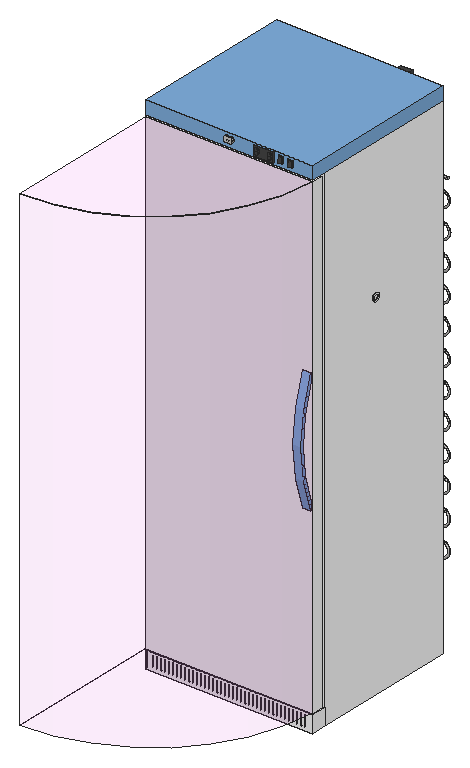
Revit family "QF_Summit_ARS15PV_Pharma_Vac_All_Refrigerator", category Specialty Equipment, Revit 2020 (continued)
Automatic sketch dimensions
  Split face 4 sketch curve to Split face 4 sketch curve = 0.08768"
  Split face 4 sketch curve to Split face 4 sketch curve = 0.00085"
  Split face 4 sketch curve to Split face 4 sketch curve = 0.03656"
  Split face 4 sketch curve to Split face 4 sketch curve = 0.0266"
  Split face 4 sketch curve to Split face 4 sketch curve = 0.0748"
  Split face 4 sketch curve to Split face 4 sketch curve = 0.02231"
  Split face 4 sketch curve to Split face 4 sketch curve = 0.00573"
  Split face 4 sketch curve to Split face 4 sketch curve = 0.00628"
  Split face 4 sketch curve to Split face 4 sketch curve = 0.00473"
  Split face 4 sketch curve to Split face 4 sketch curve = 0.22455"
  Split face 4 sketch curve to Split face 4 sketch curve = 0.02551"
  Split face 4 sketch curve to Split face 4 sketch curve = 0.00677"
  Split face 4 sketch curve to Split face 4 sketch curve = 0.00986"
  Split face 4 sketch curve to Split face 4 sketch curve = 0.14199"
  Split face 4 sketch curve to Split face 4 sketch curve = 0.02629"
  Split face 4 sketch curve to Split face 4 sketch curve = 0.00528"
  Split face 4 sketch curve to Split face 4 sketch curve = 0"
  Split face 4 sketch curve to Split face 4 sketch curve = 1/64"
  Split face 5 sketch curve to Extrusion 2 = 0.77151"
  Split face 5 sketch curve to Extrusion 2 = 3.21342"
  Split face 5 sketch curve to Split face 5 sketch curve = 0.00447"
  Split face 5 sketch curve to Split face 5 sketch curve = 0.02913"
  Split face 5 sketch curve to Split face 5 sketch curve = 0.06885"
  Split face 5 sketch curve to Split face 5 sketch curve = 0.05632"
  Split face 5 sketch curve to Split face 5 sketch curve = 0.04342"
  Split face 5 sketch curve to Split face 5 sketch curve = 0.04721"
  Split face 5 sketch curve to Split face 5 sketch curve = 0.049"
  Split face 5 sketch curve to Split face 5 sketch curve = 0.02401"
  Split face 5 sketch curve to Split face 5 sketch curve = 0.00357"
  Split face 5 sketch curve to Split face 5 sketch curve = 0.00602"
  Split face 5 sketch curve to Split face 5 sketch curve = 0.03286"
  Split face 5 sketch curve to Split face 5 sketch curve = 0.00635"
  Split face 5 sketch curve to Split face 5 sketch curve = 0.04385"
  Split face 5 sketch curve to Split face 5 sketch curve = 0.03341"
  Split face 5 sketch curve to Split face 5 sketch curve = 0.02357"
  Split face 5 sketch curve to Split face 5 sketch curve = 0.02858"
  Split face 5 sketch curve to Split face 5 sketch curve = 0.04277"
  Split face 5 sketch curve to Split face 5 sketch curve = 0.00063"
  Split face 5 sketch curve to Split face 5 sketch curve = 0.02096"
  Split face 5 sketch curve to Split face 5 sketch curve = 0.02263"
  Split face 5 sketch curve to Split face 5 sketch curve = 0.02829"
  Split face 5 sketch curve to Split face 5 sketch curve = 0.05231"
  Split face 5 sketch curve to Split face 5 sketch curve = 0.02169"
  Split face 5 sketch curve to Split face 5 sketch curve = 0.02759"
  Split face 5 sketch curve to Split face 5 sketch curve = 0.00044"
  Split face 5 sketch curve to Split face 5 sketch curve = 0.05698"
  Split face 5 sketch curve to Split face 5 sketch curve = 0.02956"
  Split face 5 sketch curve to Split face 5 sketch curve = 0.01975"
  Split face 5 sketch curve to Split face 5 sketch curve = 0.03754"
  Split face 5 sketch curve to Split face 5 sketch curve = 0"  (x5)
  Split face 5 sketch curve to Split face 5 sketch curve = 0.0171"
  Split face 5 sketch curve to Split face 5 sketch curve = 0.12547"
  Split face 5 sketch curve to Split face 5 sketch curve = 0.03468"
  Split face 6 sketch curve to Extrusion 2 = 0.84328"
  Split face 6 sketch curve to Extrusion 2 = 3.51723"
  Split face 7 sketch curve to Extrusion 2 = 0.83375"
  Split face 7 sketch curve to Extrusion 2 = 3.9256"
  Split face 7 sketch curve to Split face 7 sketch curve = 0.02781"
  Split face 7 sketch curve to Split face 7 sketch curve = 0.03195"
  Split face 7 sketch curve to Split face 7 sketch curve = 0.05651"
  Split face 7 sketch curve to Split face 7 sketch curve = 0.0705"
  Split face 7 sketch curve to Split face 7 sketch curve = 0.0326"
  Split face 7 sketch curve to Split face 7 sketch curve = 0.03942"
  Split face 7 sketch curve to Extrusion 2 = 0.47311"
  Split face 8 sketch curve to Extrusion 2 = 0.47576"
  Split face 8 sketch curve to Extrusion 2 = 4.45929"
  Split face 8 sketch curve to Split face 8 sketch curve = 0.03195"
  Split face 8 sketch curve to Split face 8 sketch curve = 0.03942"
  Split face 8 sketch curve to Split face 8 sketch curve = 0.06686"
  Split face 8 sketch curve to Split face 8 sketch curve = 0.06108"
  Split face 8 sketch curve to Split face 8 sketch curve = 0.00386"
  Split face 8 sketch curve to Split face 8 sketch curve = 0.0281"
  Split face 8 sketch curve to Split face 8 sketch curve = 0.03736"
  Split face 8 sketch curve to Split face 8 sketch curve = 0.01483"
  Split face 8 sketch curve to Split face 8 sketch curve = 0.04944"
  Split face 8 sketch curve to Split face 8 sketch curve = 0.07229"
  Split face 8 sketch curve to Split face 8 sketch curve = 0.07649"
  Split face 8 sketch curve to Split face 8 sketch curve = 0.16571"
  Split face 8 sketch curve to Split face 8 sketch curve = 0.11591"
  Split face 8 sketch curve to Split face 8 sketch curve = 0.09007"
  Split face 8 sketch curve to Split face 8 sketch curve = 0.05683"
  Split face 8 sketch curve to Split face 8 sketch curve = 0.18959"
  Split face 8 sketch curve to Split face 8 sketch curve = 0.02222"
  Split face 8 sketch curve to Split face 8 sketch curve = 0.0095"
  Split face 8 sketch curve to Split face 8 sketch curve = 0.02188"
  Split face 8 sketch curve to Split face 8 sketch curve = 0"
  Split face 8 sketch curve to Split face 8 sketch curve = 0.02021"
  Split face 8 sketch curve to Split face 8 sketch curve = 0.1054"
  Extrusion 15 sketch curve to Extrusion 1 = 1.88463"  (x5)
  Extrusion 15 sketch curve to Extrusion 1 = 1.81758"  (x5)
  Extrusion 15 sketch curve to Extrusion 15 sketch curve = 12"  (x5)
  Extrusion 15 sketch curve to Extrusion 15 sketch curve = 12 1/8"  (x2)
  Extrusion 15 sketch curve to Extrusion 1 = 8 5/16"  (x2)
  plane 16 to Sweep 16 sketch curve = 0"
  Sweep 16 sketch curve to plane 17 = 0"
  plane 16 to Sweep 16 sketch curve = 0.95416"
  plane 16 to Sweep 16 sketch curve = 0.98532"
  plane 16 to Sweep 16 sketch curve = 0.99524"
  plane 16 to Sweep 16 sketch curve = 0.9955"
  plane 16 to Sweep 16 sketch curve = 0.99909"
  plane 16 to Sweep 16 sketch curve = 1"
  plane 16 to Sweep 16 sketch curve = 1.00025"
  plane 16 to Sweep 16 sketch curve = 1.0125"
  plane 16 to Sweep 16 sketch curve = 1.01275"
  plane 16 to Sweep 16 sketch curve = 1.01663"
  plane 16 to Sweep 16 sketch curve = 1.03006"
  plane 16 to Sweep 16 sketch curve = 1.06016"
  Sweep 16 sketch curve to plane 17 = 1.09407"
  Sweep 16 sketch curve to plane 17 = 1.06457"
  Sweep 16 sketch curve to plane 17 = 1.03401"
  Sweep 16 sketch curve to plane 17 = 1.01809"
  Sweep 16 sketch curve to plane 17 = 1.01668"
  Sweep 16 sketch curve to plane 17 = 1.01609"
  Sweep 16 sketch curve to plane 17 = 1.0159"
  Sweep 16 sketch curve to plane 17 = 1.01065"
  Sweep 16 sketch curve to plane 17 = 1.00037"
  Sweep 16 sketch curve to plane 17 = 1"
  Sweep 16 sketch curve to plane 17 = 0.99956"
  Sweep 16 sketch curve to plane 17 = 0.9852"
  plane 9 "Base Height" to Sweep 16 sketch curve = 11 1/8"
  Sweep 16 sketch curve to Sweep 16 sketch curve = 1"  (x22)
  Sweep 16 sketch curve to Sweep 16 sketch curve = 1.06206"
  Sweep 16 sketch curve to plane 21 = 0.00087"
  Sweep 16 sketch curve to profile plane = 3/32"
  plane 1 "BACK" to Sweep 16 sketch curve = 3/32"
  Extrusion 17 sketch curve to Extrusion 17 sketch curve = 0"  (x2)
  Extrusion 1 to Extrusion 17 sketch curve = 8 3/4"
  Extrusion 17 sketch curve to Extrusion 1 = 47 7/8"
  Extrusion 2 to Extrusion 18 sketch curve = 1/4"  (x2)
  Extrusion 18 sketch curve to Extrusion 2 = 6 3/4"
  Extrusion 18 sketch curve to Extrusion 18 sketch curve = 1 3/4"
  Extrusion 19 sketch curve to plane 4 "RIGHT" = 0"
  plane 5 "FRONT" to Extrusion 19 sketch curve = 0"
  plane 4 "RIGHT" to Extrusion 19 sketch curve = 0.04959"
  Extrusion 19 sketch curve to plane 3 "LEFT" = 0.01706"
  Extrusion 19 sketch curve to plane 13 = 0.86036"
  Split face 9 sketch curve to Extrusion 2 = 0.77404"
  Split face 9 sketch curve to Extrusion 2 = 2.1833"
  Split face 9 sketch curve to Split face 9 sketch curve = 0.00447"
  Split face 9 sketch curve to Split face 9 sketch curve = 0.02913"
  Split face 9 sketch curve to Split face 9 sketch curve = 0.06885"
  Split face 9 sketch curve to Split face 9 sketch curve = 0.05632"
  Split face 9 sketch curve to Split face 9 sketch curve = 0.04342"
  Split face 9 sketch curve to Split face 9 sketch curve = 0.04721"
  Split face 9 sketch curve to Split face 9 sketch curve = 0.049"
  Split face 9 sketch curve to Split face 9 sketch curve = 0.02401"
  Split face 9 sketch curve to Split face 9 sketch curve = 0.00357"
  Split face 9 sketch curve to Split face 9 sketch curve = 0.00602"
  Split face 9 sketch curve to Split face 9 sketch curve = 0.03286"
  Split face 9 sketch curve to Split face 9 sketch curve = 0.00635"
  Split face 9 sketch curve to Split face 9 sketch curve = 0.04385"
  Split face 9 sketch curve to Split face 9 sketch curve = 0.03341"
  Split face 9 sketch curve to Split face 9 sketch curve = 0.02357"
  Split face 9 sketch curve to Split face 9 sketch curve = 0.02858"
  Split face 9 sketch curve to Split face 9 sketch curve = 0.04277"
  Split face 9 sketch curve to Split face 9 sketch curve = 0.00063"
  Split face 9 sketch curve to Split face 9 sketch curve = 0.02096"
  Split face 9 sketch curve to Split face 9 sketch curve = 0.02263"
  Split face 9 sketch curve to Split face 9 sketch curve = 0.02829"
  Split face 9 sketch curve to Split face 9 sketch curve = 0.05231"
  Split face 9 sketch curve to Split face 9 sketch curve = 0.02169"
  Split face 9 sketch curve to Split face 9 sketch curve = 0.02759"
  Split face 9 sketch curve to Split face 9 sketch curve = 0.00044"
  Split face 9 sketch curve to Split face 9 sketch curve = 0.05698"
  Split face 9 sketch curve to Split face 9 sketch curve = 0.02956"
  Split face 9 sketch curve to Split face 9 sketch curve = 0.01975"
  Split face 9 sketch curve to Split face 9 sketch curve = 0.03754"
  Split face 9 sketch curve to Split face 9 sketch curve = 0"  (x5)
  Split face 9 sketch curve to Split face 9 sketch curve = 0.0171"
  Split face 9 sketch curve to Split face 9 sketch curve = 0.12547"
  Split face 9 sketch curve to Split face 9 sketch curve = 0.03468"
  Extrusion 14 to Split face 10 sketch curve = 0.01468"
  Extrusion 14 to Split face 10 sketch curve = 0.18593"
  Extrusion 20 sketch curve to Extrusion 1 = 0"  (x4)
  Extrusion 20 sketch curve to Extrusion 1 = 1/16"
  Extrusion 1 to Extrusion 20 sketch curve = 1/16"  (x3)
  Extrusion 21 sketch curve to Extrusion 20 = 0"  (x4)
  Extrusion 20 to Extrusion 21 sketch curve = 27/32"
  Extrusion 21 sketch curve to Extrusion 21 sketch curve = 3/32"  (x39)
  Extrusion 21 sketch curve to Extrusion 21 sketch curve = 3/8"  (x38)
  Extrusion 20 to Extrusion 21 sketch curve = 13/32"  (x39)
  Extrusion 20 to Extrusion 21 sketch curve = 17/32"  (x38)
  Extrusion 21 sketch curve to Extrusion 21 sketch curve = 0"
  Split face 11 sketch curve to Extrusion 2 = 0.69981"
  Split face 11 sketch curve to Extrusion 2 = 4.22664"
  Split face 11 sketch curve to Split face 11 sketch curve = 0.1447"
  Extrusion 22 sketch curve to plane 5 "FRONT" = 0"  (x2)
  Extrusion 22 sketch curve to plane 12 = 4.41125"
  Extrusion 22 sketch curve to plane 12 = 1.96658"
  Extrusion 22 sketch curve to plane 21 = 22.35752"
  Extrusion 22 sketch curve to Extrusion 22 sketch curve = 1.23252"
  Extrusion 22 sketch curve to Extrusion 22 sketch curve = 7 1/2"
  Extrusion 22 sketch curve to Extrusion 22 sketch curve = 0"
  Extrusion 1 to Extrusion 23 sketch curve = 0"
  Extrusion 23 sketch curve to Extrusion 1 = 0"  (x3)
  Extrusion 23 sketch curve to Extrusion 23 sketch curve = 5"
  Extrusion 1 to Extrusion 23 sketch curve = 9 1/4"
  Extrusion 1 to Extrusion 23 sketch curve = 4 1/4"
  Extrusion 23 sketch curve to Extrusion 1 = 1 3/4"
  Extrusion 23 sketch curve to Extrusion 23 sketch curve = 6 1/2"
  Extrusion 23 sketch curve to Extrusion 23 sketch curve = 7"
  Extrusion 23 sketch curve to Extrusion 23 sketch curve = 9 1/4"
  Extrusion 24 sketch curve to Extrusion 1 = 0"  (x4)
  Extrusion 1 to Extrusion 24 sketch curve = 0"  (x2)
  Extrusion 24 sketch curve to Extrusion 1 = 1 11/16"  (x2)
  Extrusion 25 sketch curve to Extrusion 3 = 1/2"  (x4)
  Extrusion 25 sketch curve to Extrusion 25 sketch curve = 1/2"  (x2)
  Extrusion 25 sketch curve to Extrusion 3 = 1"  (x2)
  Split face 12 sketch curve to Extrusion 2 = 0.83997"
  Split face 12 sketch curve to Extrusion 2 = 3.64781"
  Split face 12 sketch curve to Extrusion 2 = 0.7258"
  Split face 12 sketch curve to Split face 12 sketch curve = 0.06553"  (x2)
  Split face 12 sketch curve to Extrusion 2 = 0.87779"
  Split face 12 sketch curve to Extrusion 2 = 0.76415"
  Split face 12 sketch curve to Split face 12 sketch curve = 0.06283"
  Split face 12 sketch curve to Extrusion 2 = 0.91058"
  Split face 12 sketch curve to Split face 12 sketch curve = 0.06491"
  Split face 12 sketch curve to Split face 12 sketch curve = 0.06473"
  Split face 12 sketch curve to Extrusion 2 = 0.7991"
  Split face 12 sketch curve to Split face 12 sketch curve = 0.06777"
  Split face 12 sketch curve to Extrusion 2 = 0.7276"
  Split face 12 sketch curve to Split face 12 sketch curve = 0.00013"
  Split face 12 sketch curve to Extrusion 2 = 0.83901"
  Split face 12 sketch curve to Split face 12 sketch curve = 0.06536"
  Split face 12 sketch curve to Split face 12 sketch curve = 0.03528"
  Split face 12 sketch curve to Split face 12 sketch curve = 0.03387"
  Split face 12 sketch curve to Split face 12 sketch curve = 0.07234"
  Split face 12 sketch curve to Split face 12 sketch curve = 0.07543"
  Extrusion 26 sketch curve to plane 5 "FRONT" = 0"  (x2)
  Extrusion 26 sketch curve to plane 12 = 4.41125"
  Extrusion 26 sketch curve to plane 12 = 1.96658"
  Extrusion 26 sketch curve to plane 21 = 4.89248"
  Extrusion 26 sketch curve to Extrusion 26 sketch curve = 1.23252"
  Extrusion 26 sketch curve to plane 21 = 13 5/8"
  Extrusion 26 sketch curve to Extrusion 26 sketch curve = 0"
  Extrusion 27 sketch curve to plane 3 "LEFT" = 0"
  plane 5 "FRONT" to Extrusion 27 sketch curve = 0"
  Extrusion 27 sketch curve to plane 3 "LEFT" = 0.04959"
  plane 4 "RIGHT" to Extrusion 27 sketch curve = 0.01706"
  plane 13 to Extrusion 27 sketch curve = 0.86036"
  radius of Extrusion 4 sketch curve = 1/4"
  radius of Split face 6 sketch curve = 0.26828"
  radius of Extrusion 15 sketch curve = 1/4"  (x10)
  radius of Sweep 16 sketch curve = 3/32"
  radius of Extrusion 17 sketch curve = 1/2"
  radius of Extrusion 17 sketch curve = 13/32"
  radius of Split face 10 sketch curve = 0.18692"
Connectors (in)
  electrical at (20.85407, -1.4375, 3.45918), driven by "Volts"
    settings: on Extrusion 4, index 1, voltage 115 V, apparent load 0 VA, apparent load phase1 0 VA, apparent load phase2 0 VA, apparent load phase3 0 VA, power factor 1, load classification "Other", number of poles 1, system type 30, power factor state 1, is connector primary yes, connector utility no, sub classification motor no, connector description "Electrical Connection"
